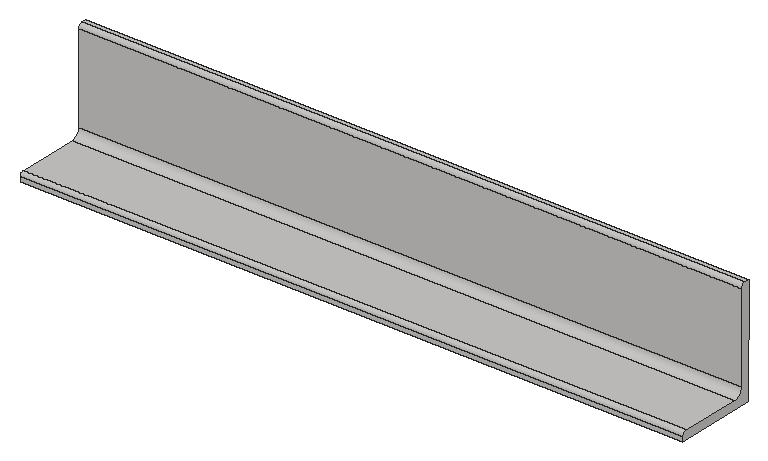
Revit family "NLRS_28_SFR_Unequal L", category Structural Framing, Revit 2020
Family settings
  Structural Framing Length Roundoff = 0.10 mm
  Section Shape = L-angle
  Material for Model Behavior = Steel
  Always export as geometry = No
  Code Name = EN 10056-1; DIN EN 10056-1
  Always vertical = Yes
  Cut with Voids When Loaded = No
  Symbolic Representation = From Project Settings
  Shared = No
  Show family pre-cut in plan views = Yes
Parameters (values of type "L200/150/15")
  Width = 150.00 mm
  Web Thickness = 15.00 mm
  Web Fillet = 15 mm
  Warping Constant = (empty or 0)
  Torsional Moment of Inertia = 0 cm⁴
  Top Web Fillet = 7.5 mm
  Structural Material [instance] = h3_Structural Steel - S235
  Section Name Key = "L200X150X15"
  Section Area = 50.5 cm²
  Principal Axes Angle = 28.85°
  Plastic Modulus weak axis = 0 cm³
  Plastic Modulus strong axis = 0 cm³
  Perimeter = (empty or 0)
  Nominal Weight = 388.34 N/m
  Moment of Inertia weak axis = 979 cm⁴
  Moment of Inertia strong axis = 2020 cm⁴
  Length [instance] = 1524.00 mm
  Keynote = ""
  Height = 200.00 mm
  Flange Thickness = 15 mm
  Flange Fillet = 7.5 mm
  Elastic Modulus weak axis = 86.9 cm³
  Elastic Modulus strong axis = 147 cm³
  Centroid Vertical = 62.10 mm
  Centroid Horizontal = 37.30 mm
  Bolt Spacing Shorter Flange = 66 mm
  Bolt Spacing 2 Longer Flange = 132 mm
  Bolt Spacing 1 Longer Flange = 65 mm
  Assembly Code = "2B(28.10)"
Types (46, lengths in mm): name | Width | Web Thickness | Web Fillet | Top Web Fillet | Section Name Key | Section Area | Principal Axes Angle | Nominal Weight | Moment of Inertia weak axis | Moment of Inertia strong axis | Height | Flange Thickness | Flange Fillet | Elastic Modulus weak axis | Elastic Modulus strong axis | Centroid Vertical | Centroid Horizontal | Bolt Spacing Shorter Flange | Bolt Spacing 2 Longer Flange | Bolt Spacing 1 Longer Flange
  L200/150/15 | 150.00 | 15.00 | 15 | 7.5 | "L200X150X15" | 50.5 cm² | 28.85° | 388.34 N/m | 979 cm⁴ | 2020 cm⁴ | 200.00 | 15 | 7.5 | 86.9 cm³ | 147 cm³ | 62.10 | 37.30 | 66 | 132 | 65
  L200/150/12 | 150.00 | 12.00 | 15 | 7.5 | "L200X150X12" | 40.8 cm² | 28.90° | 313.81 N/m | 803 cm⁴ | 1650 cm⁴ | 200.00 | 12 | 7.5 | 70.5 cm³ | 119 cm³ | 60.80 | 36.10 | 78 | 129 | 62
  L200/100/15 | 100.00 | 15.00 | 15 | 7.5 | "L200X100X15" | 43.0 cm² | 14.57° | 331.46 N/m | 299 cm⁴ | 1760 cm⁴ | 200.00 | 15 | 7.5 | 38.5 cm³ | 137 cm³ | 71.60 | 22.20 | 65 | 132 | 65
  L200/100/12 | 100.00 | 12.00 | 15 | 7.5 | "L200X100X12" | 34.8 cm² | 14.68° | 267.72 N/m | 247 cm⁴ | 1440 cm⁴ | 200.00 | 12 | 7.5 | 31.3 cm³ | 111 cm³ | 70.30 | 21.00 | 62 | 129 | 62
  L200/100/10 | 100.00 | 10.00 | 15 | 7.5 | "L200X100X10" | 29.2 cm² | 14.74° | 225.55 N/m | 210 cm⁴ | 1220 cm⁴ | 200.00 | 10 | 7.5 | 26.3 cm³ | 93.2 cm³ | 69.30 | 20.10 | 60 | 140 | 60
  L150/100/12 | 100.00 | 12.00 | 12 | 6 | "L150X100X12" | 28.7 cm² | 23.56° | 220.65 N/m | 233 cm⁴ | 651 cm⁴ | 150.00 | 12 | 6 | 30.7 cm³ | 64.4 cm³ | 48.90 | 24.20 | 59 | 116 | 56
  L150/100/10 | 100.00 | 10.00 | 12 | 6 | "L150X100X10" | 24.2 cm² | 23.65° | 186.33 N/m | 199 cm⁴ | 553 cm⁴ | 150.00 | 10 | 6 | 25.9 cm³ | 54.2 cm³ | 48.10 | 23.40 | 57 | 114 | 54
  L150/90/15 | 90.00 | 15.00 | 12 | 6 | "L150X90X15" | 33.9 cm² | 19.49° | 260.86 N/m | 205 cm⁴ | 761 cm⁴ | 150.00 | 15 | 6 | 30.4 cm³ | 77.7 cm³ | 52.10 | 22.30 | 59 | 119 | 59
  L150/90/12 | 90.00 | 12.00 | 12 | 6 | "L150X90X12" | 27.5 cm² | 19.70° | 211.82 N/m | 171 cm⁴ | 627 cm⁴ | 150.00 | 12 | 6 | 24.8 cm³ | 63.3 cm³ | 50.80 | 21.20 | 56 | 116 | 56
  L150/90/10 | 90.00 | 10.00 | 12 | 6 | "L150X90X10" | 23.2 cm² | 19.80° | 178.48 N/m | 146 cm⁴ | 533 cm⁴ | 150.00 | 10 | 6 | 21 cm³ | 53.3 cm³ | 50.00 | 20.40 | 54 | 114 | 54
  L150/75/15 | 75.00 | 15.00 | 12 | 6 | "L150X75X15" | 31.7 cm² | 14.20° | 243.2 N/m | 119 cm⁴ | 713 cm⁴ | 150.00 | 15 | 6 | 21 cm³ | 75.2 cm³ | 55.20 | 18.10 | 50 | 119 | 59
  L150/75/12 | 75.00 | 12.00 | 12 | 6 | "L150X75X12" | 25.7 cm² | 14.47° | 198.09 N/m | 99.6 cm⁴ | 588 cm⁴ | 150.00 | 12 | 6 | 17.1 cm³ | 61.3 cm³ | 54.00 | 16.90 | 50 | 116 | 56
  L150/75/10 | 75.00 | 10.00 | 12 | 6 | "L150X75X10" | 21.7 cm² | 14.63° | 166.71 N/m | 85.6 cm⁴ | 501 cm⁴ | 150.00 | 10 | 6 | 14.5 cm³ | 51.6 cm³ | 53.10 | 16.10 | 48 | 114 | 54
  L150/75/9 | 75.00 | 9.00 | 12 | 6 | "L150X75X9" | 19.6 cm² | 14.63° | 151.02 N/m | 77.9 cm⁴ | 455 cm⁴ | 150.00 | 9 | 6 | 13.1 cm³ | 46.7 cm³ | 52.60 | 15.70 | 47 | 113 | 53
  L135/65/10 | 65.00 | 10.00 | 11 | 5.5 | "L135X65X10" | 19.1 cm² | 13.66° | 147.1 N/m | 54.7 cm⁴ | 356 cm⁴ | 135.00 | 10 | 5.5 | 10.8 cm³ | 41.3 cm³ | 48.80 | 14.20 | 40 | 0 | 70
  L135/65/8 | 65.00 | 8.00 | 11 | 5.5 | "L135X65X8" | 15.5 cm² | 13.77° | 119.64 N/m | 45.2 cm⁴ | 291 cm⁴ | 135.00 | 8 | 5.5 | 8.75 cm³ | 33.4 cm³ | 47.80 | 13.40 | 43 | 0 | 64
  L125/75/12 | 75.00 | 12.00 | 11 | 5.5 | "L125X75X12" | 22.7 cm² | 19.49° | 174.56 N/m | 95.5 cm⁴ | 354 cm⁴ | 125.00 | 12 | 5.5 | 16.9 cm³ | 43.2 cm³ | 43.10 | 18.40 | 49 | 0 | 58
  L125/75/10 | 75.00 | 10.00 | 11 | 5.5 | "L125X75X10" | 19.1 cm² | 19.65° | 147.1 N/m | 82.1 cm⁴ | 302 cm⁴ | 125.00 | 10 | 5.5 | 14.3 cm³ | 36.5 cm³ | 42.30 | 17.60 | 47 | 0 | 65
  L125/75/8 | 75.00 | 8.00 | 11 | 5.5 | "L125X75X8" | 15.5 cm² | 19.80° | 119.64 N/m | 67.6 cm⁴ | 247 cm⁴ | 125.00 | 8 | 5.5 | 11.6 cm³ | 29.6 cm³ | 41.40 | 16.80 | 45 | 0 | 64
  L120/80/12 | 80.00 | 12.00 | 11 | 5.5 | "L120X80X12" | 22.7 cm² | 23.32° | 174.56 N/m | 114 cm⁴ | 323 cm⁴ | 120.00 | 12 | 5.5 | 19.1 cm³ | 40.4 cm³ | 40.00 | 20.30 | 49 | 0 | 58
  L120/80/10 | 80.00 | 10.00 | 11 | 5.5 | "L120X80X10" | 19.1 cm² | 23.51° | 147.1 N/m | 98.1 cm⁴ | 276 cm⁴ | 120.00 | 10 | 5.5 | 16.2 cm³ | 34.1 cm³ | 39.20 | 19.50 | 47 | 0 | 60
  L120/80/8 | 80.00 | 8.00 | 11 | 5.5 | "L120X80X8" | 15.5 cm² | 23.61° | 119.64 N/m | 80.8 cm⁴ | 226 cm⁴ | 120.00 | 8 | 5.5 | 13.2 cm³ | 27.6 cm³ | 38.30 | 18.70 | 45 | 0 | 64
  L100/75/12 | 75.00 | 12.00 | 10 | 5 | "L100X75X12" | 19.7 cm² | 28.37° | 151.02 N/m | 90.2 cm⁴ | 189 cm⁴ | 100.00 | 12 | 5 | 16.5 cm³ | 28 cm³ | 32.70 | 20.30 | 48 | 0 | 57
  L100/75/10 | 75.00 | 10.00 | 10 | 5 | "L100X75X10" | 16.6 cm² | 28.55° | 127.49 N/m | 77.6 cm⁴ | 162 cm⁴ | 100.00 | 10 | 5 | 14 cm³ | 23.8 cm³ | 31.90 | 19.50 | 46 | 0 | 55
  L100/75/8 | 75.00 | 8.00 | 10 | 5 | "L100X75X8" | 13.5 cm² | 28.68° | 103.95 N/m | 64.1 cm⁴ | 133 cm⁴ | 100.00 | 8 | 5 | 11.4 cm³ | 19.3 cm³ | 31.00 | 18.70 | 44 | 0 | 53
  L100/65/10 | 65.00 | 10.00 | 10 | 5 | "L100X65X10" | 15.6 cm² | 22.29° | 120.62 N/m | 51 cm⁴ | 154 cm⁴ | 100.00 | 10 | 5 | 10.5 cm³ | 23.2 cm³ | 33.60 | 16.30 | 40 | 0 | 55
  L100/65/8 | 65.00 | 8.00 | 10 | 5 | "L100X65X8" | 12.7 cm² | 22.44° | 97.478 N/m | 42.2 cm⁴ | 127 cm⁴ | 100.00 | 8 | 5 | 8.54 cm³ | 18.9 cm³ | 32.70 | 15.50 | 43 | 0 | 53
  L100/65/7 | 65.00 | 7.00 | 10 | 5 | "L100X65X7" | 11.2 cm² | 22.54° | 86.004 N/m | 37.6 cm⁴ | 113 cm⁴ | 100.00 | 7 | 5 | 7.53 cm³ | 16.6 cm³ | 32.30 | 15.10 | 42 | 0 | 56
  L100/50/8 | 50.00 | 8.00 | 8 | 4 | "L100X50X8" | 11.4 cm² | 14.47° | 87.965 N/m | 19.7 cm⁴ | 116 cm⁴ | 100.00 | 8 | 4 | 5.08 cm³ | 18.2 cm³ | 36.00 | 11.30 | 0 | 0 | 53
  L100/50/6 | 50.00 | 6.00 | 8 | 4 | "L100X50X6" | 8.71 cm² | 14.68° | 67.077 N/m | 15.4 cm⁴ | 89.9 cm⁴ | 100.00 | 6 | 4 | 3.89 cm³ | 13.8 cm³ | 35.10 | 10.50 | 36 | 0 | 48
  L80/60/7 | 60.00 | 7.00 | 8 | 4 | "L80X60X7" | 9.38 cm² | 28.63° | 72.177 N/m | 28.4 cm⁴ | 59 cm⁴ | 80.00 | 7 | 4 | 6.34 cm³ | 10.7 cm³ | 25.10 | 15.20 | 37 | 0 | 47
  L80/40/8 | 40.00 | 8.00 | 7 | 3.5 | "L80X40X8" | 9.01 cm² | 14.20° | 69.333 N/m | 9.61 cm⁴ | 57.6 cm⁴ | 80.00 | 8 | 3.5 | 3.16 cm³ | 11.4 cm³ | 29.40 | 9.63 | 0 | 0 | 48
  L80/40/6 | 40.00 | 6.00 | 7 | 3.5 | "L80X40X6" | 6.89 cm² | 14.47° | 53.054 N/m | 7.59 cm⁴ | 44.9 cm⁴ | 80.00 | 6 | 3.5 | 2.44 cm³ | 8.73 cm³ | 28.50 | 8.84 | 0 | 0 | 46
  L75/50/8 | 50.00 | 8.00 | 7 | 3.5 | "L75X50X8" | 9.41 cm² | 23.27° | 72.471 N/m | 18.4 cm⁴ | 52 cm⁴ | 75.00 | 8 | 3.5 | 4.95 cm³ | 10.4 cm³ | 25.20 | 12.90 | 0 | 0 | 43
  L75/50/6 | 50.00 | 6.00 | 7 | 3.5 | "L75X50X6" | 7.19 cm² | 23.51° | 55.407 N/m | 14.4 cm⁴ | 40.5 cm⁴ | 75.00 | 6 | 3.5 | 3.81 cm³ | 8.01 cm³ | 24.40 | 12.10 | 36 | 0 | 41
  L70/50/6 | 50.00 | 6.00 | 7 | 3.5 | "L70X50X6" | 6.89 cm² | 26.57° | 53.054 N/m | 14.2 cm⁴ | 33.4 cm⁴ | 70.00 | 6 | 3.5 | 3.78 cm³ | 7.01 cm³ | 22.30 | 12.50 | 36 | 0 | 41
  L65/50/5 | 50.00 | 5.00 | 6 | 3 | "L65X50X5" | 5.54 cm² | 29.98° | 42.659 N/m | 11.9 cm⁴ | 23.2 cm⁴ | 65.00 | 5 | 3 | 3.19 cm³ | 5.14 cm³ | 19.90 | 12.50 | 35 | 0 | 40
  L60/40/6 | 40.00 | 6.00 | 6 | 3 | "L60X40X6" | 5.68 cm² | 23.32° | 43.737 N/m | 7.12 cm⁴ | 20.1 cm⁴ | 60.00 | 6 | 3 | 2.38 cm³ | 5.03 cm³ | 20.00 | 10.10 | 0 | 0 | 36
  L60/40/5 | 40.00 | 5.00 | 6 | 3 | "L60X40X5" | 4.79 cm² | 23.46° | 36.873 N/m | 6.11 cm⁴ | 17.2 cm⁴ | 60.00 | 5 | 3 | 2.02 cm³ | 4.25 cm³ | 19.60 | 9.72 | 0 | 0 | 35
  L60/30/5 | 30.00 | 5.00 | 5 | 2.5 | "L60X30X5" | 4.28 cm² | 14.41° | 32.95 N/m | 2.63 cm⁴ | 15.6 cm⁴ | 60.00 | 5 | 2.5 | 1.14 cm³ | 4.07 cm³ | 21.70 | 6.84 | 0 | 0 | 35
  L50/30/5 | 30.00 | 5.00 | 5 | 2.5 | "L50X30X5" | 3.78 cm² | 19.39° | 29.028 N/m | 2.51 cm⁴ | 9.36 cm⁴ | 50.00 | 5 | 2.5 | 1.11 cm³ | 2.86 cm³ | 17.30 | 7.41 | 0 | 0 | 35
  L45/30/4 | 30.00 | 4.00 | 4.5 | 2.25 | "L45X30X4" | 2.87 cm² | 23.56° | 22.065 N/m | 2.05 cm⁴ | 5.78 cm⁴ | 45.00 | 4 | 2.25 | 0.91 cm³ | 1.91 cm³ | 14.80 | 7.40 | 0 | 0 | 0
  L40/25/4 | 25.00 | 4.00 | 4 | 2 | "L40X25X4" | 2.46 cm² | 20.81° | 18.927 N/m | 1.16 cm⁴ | 3.89 cm⁴ | 40.00 | 4 | 2 | 0.619 cm³ | 1.47 cm³ | 13.60 | 6.23 | 0 | 0 | 0
  L40/20/4 | 20.00 | 4.00 | 4 | 2 | "L40X20X4" | 2.26 cm² | 14.14° | 17.358 N/m | 0.6 cm⁴ | 3.59 cm⁴ | 40.00 | 4 | 2 | 0.393 cm³ | 1.42 cm³ | 14.70 | 4.80 | 0 | 0 | 0
  L30/20/4 | 20.00 | 4.00 | 4 | 2 | "L30X20X4" | 1.86 cm² | 22.83° | 14.318 N/m | 0.553 cm⁴ | 1.59 cm⁴ | 30.00 | 4 | 2 | 0.379 cm³ | 0.807 cm³ | 10.30 | 5.41 | 0 | 0 | 0
  L30/20/3 | 20.00 | 3.00 | 4 | 2 | "L30X20X3" | 1.43 cm² | 23.12° | 10.983 N/m | 0.437 cm⁴ | 1.25 cm⁴ | 30.00 | 3 | 2 | 0.292 cm³ | 0.621 cm³ | 9.90 | 5.02 | 0 | 0 | 0
Reference planes
  plane 1 "Center (Front/Back)": y = 0
  plane 2: z = 0
  plane 3 "Center (Left/Right)": x = 4.61
  plane 4 "Member Left": x = -604.99
  plane 5 "Member Right": x = 614.21
  plane 6: y = 37.3
  plane 7: y = -112.7
  plane 8: z = -62.1
  plane 9 "Left": x = -757.39
  plane 10 "Right": x = 766.61
  plane 11: z = 137.9
Forms (mm)
  Sweep 1, solid, material "h3_Structural Steel - S235" <- "Structural Material", detail levels fine
    path origin (0, 0, 0) x (1, 0, 0) y (0, 1, 0)
      loop
        line (-604.99, 0) -> (614.21, 0)
    profile "Angle-Profile-Fine : Angle-Profile-Fine" origin (4.61, 0, 0) x (0, 1, 0) y (0, 0, 1)
      loop
        line (37.3, 137.9) -> (29.8, 137.9)
        arc (29.8, 137.9) -> (24.497, 135.703) -> (22.3, 130.4) r 7.5
        line (22.3, 130.4) -> (22.3, -32.1)
        arc (22.3, -32.1) -> (17.907, -42.707) -> (7.3, -47.1) r 15
        line (7.3, -47.1) -> (-105.2, -47.1)
        arc (-105.2, -47.1) -> (-110.503, -49.297) -> (-112.7, -54.6) r 7.5
        line (-112.7, -54.6) -> (-112.7, -62.1) -> (37.3, -62.1) -> (37.3, 137.9)
  Sweep 2, solid, material "h3_Structural Steel - S235" <- "Structural Material", detail levels medium
    path origin (0, 0, 0) x (1, 0, 0) y (0, 1, 0)
      loop
        line (-604.99, 0) -> (614.21, 0)
    profile "Angle-Profile-Medium : Angle-Profile-Medium" origin (4.61, 0, 0) x (0, 1, 0) y (0, 0, 1)
      loop
        line (37.3, 137.9) -> (22.3, 137.9) -> (22.3, -47.1) -> (-112.7, -47.1) -> (-112.7, -62.1) -> (37.3, -62.1) -> (37.3, 137.9)
Lines and regions (mm)
  symbolic lines, style "Hidden Faces", detail levels medium+fine
    curve 1: line (-604.99, 0, -47.1) -> (614.21, 0, -47.1)
    curve 2: line (-604.99, 22.3, 0) -> (614.21, 22.3, 0)
  symbolic lines, style "Stick Symbols", detail levels coarse
    curve 3: line (4.61, 37.3, -62.1) -> (4.61, -112.7, -62.1)
    curve 4: line (4.61, 37.3, 137.9) -> (4.61, 37.3, -62.1)
Dimensions and locks
  "Width": plane 6 to plane 7
  "Centroid Horizontal": plane 6 to plane 1 "Center (Front/Back)"
  "Length": plane 9 "Left" to plane 10 "Right"
  "Web Thickness": plane 6 to curve 2
  "Centroid Vertical": plane 8 to level
  "Height": plane 8 to plane 11
  aligned and locked: plane 4 "Member Left" to curve 2
  aligned and locked: plane 5 "Member Right" to curve 2
  aligned and locked: plane 4 "Member Left" to curve 1
  aligned and locked: plane 5 "Member Right" to curve 1
  aligned and locked: plane 5 "Member Right" to Sweep 1 sketch curve
  aligned and locked: plane 1 "Center (Front/Back)" to Sweep 1 sketch curve
  aligned and locked: plane 4 "Member Left" to Sweep 1 sketch curve
  aligned and locked: plane 4 "Member Left" to Sweep 2 sketch curve
  aligned and locked: plane 1 "Center (Front/Back)" to Sweep 2 sketch curve
  aligned and locked: plane 5 "Member Right" to Sweep 2 sketch curve
  aligned and locked: plane 8 to curve 3
  aligned and locked: plane 7 to curve 3
  aligned and locked: plane 6 to curve 4
  aligned and locked: plane 11 to curve 4
  aligned and locked: curve 1 to Sweep 2
  aligned and locked: plane 11 to Sweep 2
  aligned and locked: plane 6 to Sweep 2
  aligned and locked: plane 8 to Sweep 2
  aligned and locked: Sweep 2 to plane 7
  aligned and locked: plane 6 to Sweep 1
  aligned and locked: plane 8 to Sweep 1
  aligned and locked: Sweep 1 to plane 7
